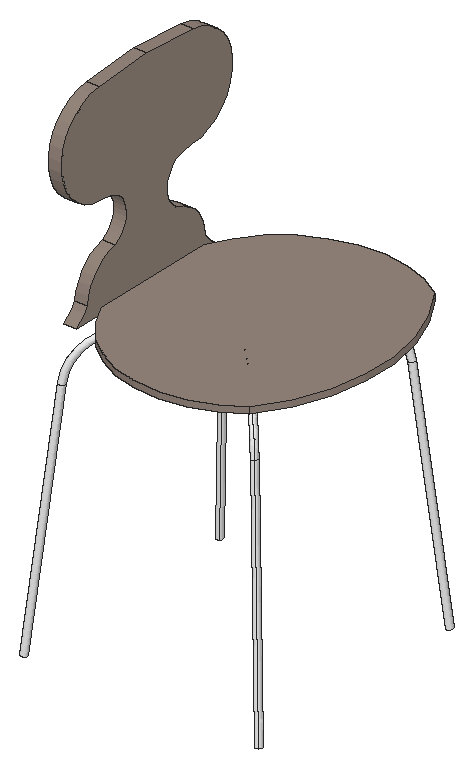
Revit family "Chair 2", category Furniture, Revit 2025
Family settings
  Work Plane-Based = No
  Enable Cutting in Views = No
  Always vertical = Yes
  Cut with Voids When Loaded = No
  Render Appearance Source = Family Geometry
  Shared = No
  Room Calculation Point = No
Parameters
  Keynote = "12600"
  Manufacturer = ""
  Default Elevation = 0 mm
  Bracket Material = Herman Miller - Finish 47 Trivalent Chrome
  Model = ""
  Cushion/Chair Back Material = Herman Miller - Veneer Z5 Maple
Reference planes
  plane 1 "Center F/B": y = -198.997
  plane 2: z = 0
  plane 3 "Center L/R": x = -1.022
Forms (mm)
  Sweep 1, solid, material "Herman Miller - Finish 47 Trivalent Chrome" <- "Bracket Material"
    path origin (61.052, -65.204, 45) x (0, 0, -1) y (0.707107, -0.707107, 0)
      loop
        line (45, -82.843) -> (-332.364, -36.508)
        arc (-332.364, -36.508) -> (-382.531, -10.114) -> (-402.615, 42.895) r 80
        line (-402.615, 42.895) -> (-402.615, 181.322)
    profile origin (18.855, -23.007, 188.682) x (-0.701836, 0.701836, 0.121869) y (-0.707107, -0.707107, 0)
      loop
        circle (0, 0) r 5
  Sweep 2, solid, material "Herman Miller - Finish 47 Trivalent Chrome" <- "Bracket Material"
    path origin (57.516, -325.168, 45) x (0, 0, -1) y (0.707107, 0.707107, 0)
      loop
        line (45, -82.843) -> (-332.364, -36.508)
        arc (-332.364, -36.508) -> (-382.531, -10.114) -> (-402.615, 42.895) r 80
        line (-402.615, 42.895) -> (-402.615, 181.322)
    profile origin (15.319, -367.364, 188.682) x (-0.701836, -0.701836, 0.121869) y (0.707107, -0.707107, 0)
      loop
        circle (0, 0) r 5
  Sweep 3, solid, material "Herman Miller - Finish 47 Trivalent Chrome" <- "Bracket Material"
    path origin (303.338, -65.204, 45) x (0, 0, -1) y (0.707107, 0.707107, 0)
      loop
        line (45, 82.843) -> (-332.364, 36.508)
        arc (-332.364, 36.508) -> (-382.531, 10.114) -> (-402.615, -42.895) r 80
        line (-402.615, -42.895) -> (-402.615, -181.322)
    profile origin (345.535, -23.007, 188.682) x (0.701836, 0.701836, 0.121869) y (-0.707107, 0.707107, 0)
      loop
        circle (0, 0) r 5
  Sweep 4, solid, material "Herman Miller - Finish 47 Trivalent Chrome" <- "Bracket Material"
    path origin (306.873, -325.168, 45) x (0, 0, -1) y (0.707107, -0.707107, 0)
      loop
        line (45, 82.843) -> (-332.364, 36.508)
        arc (-332.364, 36.508) -> (-382.531, 10.114) -> (-402.615, -42.895) r 80
        line (-402.615, -42.895) -> (-402.615, -181.322)
    profile origin (349.07, -367.364, 188.682) x (0.701836, -0.701836, 0.121869) y (0.707107, 0.707107, 0)
      loop
        circle (0, 0) r 5
  Extrusion 5, solid, material "Herman Miller - Veneer Z5 Maple" <- "Cushion/Chair Back Material"
    sketch origin (0, 0, 0) x (1, 0, 0) y (0, 1, 0)
      loop
        arc (340, -9.099) -> (152.776, 17.913) -> (32.728, -128.274) r 192.616
        line (32.728, -128.274) -> (32.728, -249.923)
        arc (32.728, -249.923) -> (152.776, -396.11) -> (340, -369.099) r 192.616
        arc (340, -369.099) -> (400.673, -189.099) -> (340, -9.099) r 297.34
    from 450 to 460
  Extrusion 6, solid, material "Herman Miller - Veneer Z5 Maple" <- "Cushion/Chair Back Material"
    sketch origin (390, -409.099, -27.081) x (0, 0, -1) y (0, 1, 0)
      loop
        arc (-498.809, 95.839) -> (-486.21, 86.065) -> (-477.081, 72.99) r 53.087
        line (-477.081, 72.99) -> (-477.081, 347.212)
        arc (-477.081, 347.212) -> (-486.21, 334.138) -> (-498.809, 324.364) r 53.087
        arc (-498.809, 324.364) -> (-539.073, 308.301) -> (-561.143, 270.989) r 67.175
        arc (-561.143, 270.989) -> (-601.737, 249.17) -> (-634.197, 281.887) r 38.521
        line (-634.197, 281.887) -> (-636.604, 298.938)
        arc (-636.604, 298.938) -> (-714.694, 376.726) -> (-796.127, 302.444) r 79.872
        line (-796.127, 302.444) -> (-802.584, 210.101) -> (-796.127, 117.759)
        arc (-796.127, 117.759) -> (-714.694, 43.477) -> (-636.604, 121.265) r 79.872
        line (-636.604, 121.265) -> (-634.197, 138.316)
        arc (-634.197, 138.316) -> (-601.737, 171.033) -> (-561.143, 149.213) r 38.521
        arc (-561.143, 149.213) -> (-539.073, 111.901) -> (-498.809, 95.839) r 67.175
    from -367.272 to -347.272
Dimensions and locks
  aligned and locked: plane 1 "Center F/B" to Extrusion 6
